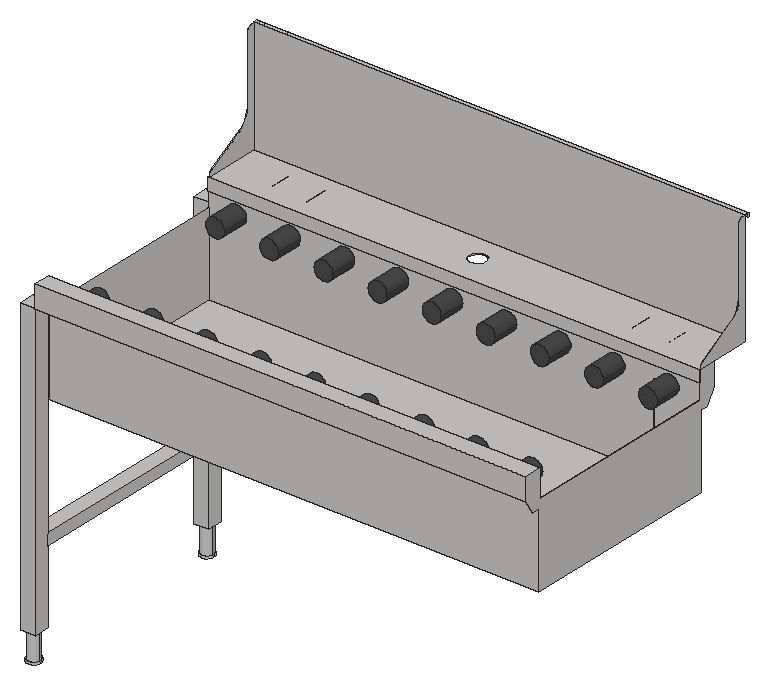
Revit family "QF_ELECTROLUXPROFESSIONAL_863074_HSSRDB13SB", category Specialty Equipment, Revit 2018
Family settings
  Round Connector Dimension = Use Diameter
  Part Type = Normal
  Work Plane-Based = No
  Always vertical = Yes
  Cut with Voids When Loaded = No
  Shared = No
  Room Calculation Point = No
Parameters
  Weight = 0.00 kg
  Watts = 0 W
  Volts = 0 V
  URL Manufacturer = "http://professional.electrolux.com/"
  URL = "http://professional.electrolux.com/"
  Steam Supply Size = 0 mm
  Steam Supply Minimum Pressure = 0.0 Pa
  Steam Supply Maximum Pressure = 0.0 Pa
  Steam Pounds per Hour = 0
  Refrigeration Suction Line Size = 0 mm
  Refrigeration Liquid Line Size = 0 mm
  Refrigerant Compressor Remote = yes
  Manufacturer = "Electrolux"
  Phase = 0
  Model = "HSSRDB13SB"
  Length Actual = 1300 mm  # constant formula
  Item Number = "863074"
  Hot Water Size = 0 mm
  Height Actual = 1213 mm  # constant formula
  HP = "0 HP"
  Gas Size = 0 mm
  Gas KW = 0
  Gas Input Pressure = 0 W
  Description = "SHORT ROLLER CONVEYOR WITH DEEP BASIN AND SPLASH BACK,  L=1300 MM"
  Depth Actual = 735 mm  # constant formula
  Cycle = 0 Hz
  Condensate Return Size = 0 mm
  Compressed Air Volume = 0.0 L/s
  Compressed Air Size = 0 mm
  Compressed Air Pressure = 0.0 Pa
  Cold Water Size = 0 mm
  Accessory = yes
Reference planes
  plane 1 "Centro (Fronte/Retro)": y = 74.737
  plane 2: z = 0
  plane 3 "LEFT": x = -1038.761
  plane 4 "BACK": y = 499.737
  plane 5 "FRONT": y = -235.263
  plane 6: z = 910
  plane 7 "RIGHT": x = 261.239
  plane 8: x = -388.761
Forms (mm)
  Extrusion 1, solid, material "QF_Finishes_Stainless Steel"
    sketch origin (0, 74.737, 0) x (1, 0, 0) y (0, 0, 1)
      loop
        line (-1079.929, 300) -> (-1079.929, 270) -> (-1039.929, 270) -> (-1039.929, 300) -> (-1079.929, 300)
    from -266.504 to 266.46
  Extrusion 2, solid, material "QF_Finishes_Stainless Steel"
    sketch origin (11.239, 0, 0) x (0, 1, 0) y (0, 0, 1)
      loop
        line (-235.263, 910) -> (-235.263, 850.033) -> (-190.242, 850.033) -> (-190.242, 910) -> (-235.263, 910)
      loop
        line (384.737, 910) -> (339.716, 910) -> (339.716, 850.033) -> (384.737, 850.033) -> (384.737, 910)
    from -1048.8 to 248.8
  Extrusion 3, solid, material "QF_Finishes_Stainless Steel"
    sketch origin (11.239, 0, 0) x (0, 1, 0) y (0, 0, 1)
      loop
        line (-191.727, 850.033) -> (-191.727, 618.033) -> (341.245, 618.033) -> (341.245, 850.033) -> (339.716, 850.033) -> (339.716, 621.033) -> (-190.242, 621.033) -> (-190.242, 850.033) -> (-191.727, 850.033)
    from -1048.8 to 248.8
  Extrusion 4, solid, material "QF_Finishes_Stainless Steel"
    sketch origin (1561.239, 723.253, 4000) x (0, 1, 0) y (0, 0, 1)
      loop
        line (-958.516, -3090) -> (-958.516, -3149.967) -> (-934.752, -3185.632) -> (-914.981, -3185.632) -> (-914.981, -3381.967) -> (-382.009, -3381.967) -> (-382.009, -3185.632) -> (-362.281, -3185.632) -> (-338.516, -3149.967) -> (-338.516, -3090) -> (-383.538, -3090) -> (-383.538, -3161.926) -> (-913.495, -3161.926) -> (-913.495, -3090) -> (-958.516, -3090)
    from -1300 to -1301.2
  Revolve 5, solid, material "QF_Finishes_Stainless Steel"
    sketch origin (-388.761, 0, 0) x (0, 1, 0) y (0, 0, 1)
      loop
        line (74.737, 618.033) -> (-1.756, 618.033) -> (-1.756, 601.823) -> (0.354, 601.823)
        arc (0.354, 601.823) -> (3.64, 597.973) -> (0.351, 594.125) r 3.897
        line (0.351, 594.125) -> (-1.756, 594.125) -> (-1.756, 551.31)
        arc (-1.756, 551.31) -> (8.91, 520.632) -> (36.296, 503.17) r 49.497
        line (36.296, 503.17) -> (36.296, 500.684) -> (37.487, 497.398) -> (51.25, 491.407) -> (51.25, 455.535) -> (52.727, 454.059) -> (74.737, 454.059) -> (74.737, 618.033)
      axis (74.737, 454.059) -> (74.737, 618.033)
    angle from 0 to 360
  Extrusion 6, solid, material "QF_Finishes_Stainless Steel"
    sketch origin (-537.561, 723.253, 4000) x (0, 1, 0) y (0, 0, 1)
      loop
        line (-958.516, -3090) -> (-958.516, -3149.967) -> (-914.981, -3149.967) -> (-914.981, -3381.967) -> (-382.009, -3381.967) -> (-382.009, -3149.967) -> (-338.516, -3149.967) -> (-338.516, -3090) -> (-383.538, -3090) -> (-383.538, -3161.926) -> (-913.495, -3161.926) -> (-913.495, -3090) -> (-958.516, -3090)
    from -500 to -501.2
  Extrusion 7, solid, material "QF_Finishes_Black"
    sketch origin (0, 74.737, 0) x (1, 0, 0) y (0, 0, 1)
      loop
        circle (-961.28, 850.115) r 25
      loop
        circle (-818.15, 850.115) r 25
      loop
        circle (-102.501, 850.115) r 25
      loop
        circle (40.628, 850.115) r 25
      loop
        circle (183.758, 850.115) r 25
      loop
        circle (-245.631, 850.115) r 25
      loop
        circle (-675.021, 850.115) r 25
      loop
        circle (-388.761, 850.115) r 25
      loop
        circle (-531.891, 850.115) r 25
    from 190.58 to 260.534
  Extrusion 8, solid, material "QF_Finishes_Stainless Steel"
    sketch origin (-239.961, 342.237, 0) x (0, 1, 0) y (0, 0, -1)
      loop
        line (-2.521, -910) -> (-2.521, -879.543) -> (-4.021, -879.543) -> (-4.021, -911.5) -> (145.999, -911.5) -> (145.999, -1213) -> (157.5, -1213) -> (157.5, -1202.537) -> (156, -1202.537) -> (156, -1211.5) -> (147.499, -1211.5) -> (147.499, -910) -> (-2.521, -910)
    from -501.2 to 798.8
  Extrusion 9, solid, material "QF_Finishes_Stainless Steel"
    sketch origin (-915.761, 342.237, 0) x (0, 1, 0) y (0, 0, 1)
      loop
        line (-0.992, 624.033) -> (13.767, 624.033)
        arc (13.767, 624.033) -> (17.303, 625.498) -> (18.768, 629.034) r 5.001
        line (18.768, 629.034) -> (18.768, 745.739) -> (102.636, 891.045) -> (102.636, 910) -> (42.5, 910) -> (42.5, 850.033) -> (-0.992, 850.033) -> (-0.992, 624.033)
    from 0 to 3
  Extrusion 10, solid, material "QF_Finishes_Stainless Steel"
    sketch origin (-818.761, 342.237, 0) x (0, 1, 0) y (0, 0, 1)
      loop
        line (-0.992, 624.033) -> (13.767, 624.033)
        arc (13.767, 624.033) -> (17.303, 625.498) -> (18.768, 629.034) r 5.001
        line (18.768, 629.034) -> (18.768, 745.739) -> (102.636, 891.045) -> (102.636, 910) -> (42.5, 910) -> (42.5, 850.033) -> (-0.992, 850.033) -> (-0.992, 624.033)
    from 0 to 3
  Extrusion 11, solid, material "QF_Finishes_Stainless Steel"
    sketch origin (-205.939, 342.237, 13) x (-1, 0, 0) y (0, 0, 1)
      loop
        line (706.822, 837.033) -> (612.822, 837.033) -> (612.822, 611.033) -> (706.822, 611.033) -> (706.822, 837.033)
    from -0.992 to 1.008
  Extrusion 12, solid, material "QF_Finishes_Stainless Steel"
    sketch origin (260.039, 342.237, 0) x (0, 1, 0) y (0, 0, -1)
      loop
        line (1.051, -911.5) -> (1.051, -914.619)
        arc (1.051, -914.619) -> (2.37, -919.604) -> (6.004, -923.263) r 9.963
        line (6.004, -923.263) -> (100.988, -978.112)
        arc (100.988, -978.112) -> (119.305, -996.412) -> (126.02, -1021.418) r 50.023
        line (126.02, -1021.418) -> (126.02, -1196.012)
        arc (126.02, -1196.012) -> (130.414, -1206.62) -> (141.022, -1211.014) r 15.003
        line (141.022, -1211.014) -> (145.999, -1211.014) -> (145.999, -911.5) -> (1.051, -911.5)
    from -1.2 to 0
  Extrusion 13, solid, material "QF_Finishes_Stainless Steel"
    sketch origin (-1033.961, 342.237, 0) x (0, 1, 0) y (0, 0, -1)
      loop
        line (141.022, -1211.014) -> (145.999, -1211.014) -> (145.999, -911.5) -> (1.051, -911.5) -> (1.051, -914.619)
        arc (1.051, -914.619) -> (2.37, -919.604) -> (6.004, -923.263) r 9.963
        line (6.004, -923.263) -> (100.988, -978.112)
        arc (100.988, -978.112) -> (119.305, -996.412) -> (126.02, -1021.418) r 50.023
        line (126.02, -1021.418) -> (126.02, -1196.012)
        arc (126.02, -1196.012) -> (130.414, -1206.62) -> (141.022, -1211.014) r 15.003
    from 3.6 to 4.8
  Extrusion 14, void
    sketch origin (0, 0, 0) x (1, 0, 0) y (0, 1, 0)
      loop
        circle (-388.761, 417.226) r 22.503
    from 910 to 911.5
  Extrusion 15, solid, material "QF_Finishes_Stainless Steel"
    sketch origin (-361.761, 342.237, 0) x (0, 1, 0) y (0, 0, -1)
      loop
        line (-0.992, -624.033) -> (-0.992, -850.033) -> (42.5, -850.033) -> (42.5, -910) -> (102.636, -910) -> (102.636, -891.045) -> (18.768, -745.739) -> (18.768, -629.034)
        arc (18.768, -629.034) -> (17.303, -625.498) -> (13.767, -624.033) r 5.001
        line (13.767, -624.033) -> (-0.992, -624.033)
    from -500 to -497
  Extrusion 16, solid, material "QF_Finishes_Stainless Steel"
    sketch origin (-458.761, 342.237, 0) x (0, 1, 0) y (0, 0, -1)
      loop
        line (-0.992, -624.033) -> (-0.992, -850.033) -> (42.5, -850.033) -> (42.5, -910) -> (102.636, -910) -> (102.636, -891.045) -> (18.768, -745.739) -> (18.768, -629.034)
        arc (18.768, -629.034) -> (17.303, -625.498) -> (13.767, -624.033) r 5.001
        line (13.767, -624.033) -> (-0.992, -624.033)
    from -500 to -497
  Extrusion 17, solid, material "QF_Finishes_Stainless Steel"
    sketch origin (-1071.583, 342.237, 13) x (1, 0, 0) y (0, 0, -1)
      loop
        line (1206.822, -837.033) -> (1206.822, -611.033) -> (1112.822, -611.033) -> (1112.822, -837.033) -> (1206.822, -837.033)
    from -0.992 to 1.008
  Extrusion 18, solid, material "QF_Finishes_Black"
    sketch origin (0, 74.737, 0) x (1, 0, 0) y (0, 0, -1)
      loop
        circle (-961.28, -850.115) r 25
      loop
        circle (-818.15, -850.115) r 25
      loop
        circle (-102.501, -850.115) r 25
      loop
        circle (40.628, -850.115) r 25
      loop
        circle (183.758, -850.115) r 25
      loop
        circle (-245.631, -850.115) r 25
      loop
        circle (-675.021, -850.115) r 25
      loop
        circle (-388.761, -850.115) r 25
      loop
        circle (-531.891, -850.115) r 25
    from 190.58 to 260.534
Cuts and joins
  joined: Extrusion 2, Extrusion 3, Extrusion 4, Revolve 5, Extrusion 6
  Extrusion 14 cuts Extrusion 8
  joined: Extrusion 8, Extrusion 9, Extrusion 10, Extrusion 11, Extrusion 12, Extrusion 13, Extrusion 15, Extrusion 16, Extrusion 17
Lines and regions (mm)
  Split face 1
    outline origin (658.239, 339.716, 621.033) x (-1, 0, 0) y (0, -1, 0)
      loop
        circle (1047, 264.904) r 3.016
  Split face 2
    outline origin (658.239, 339.716, 621.033) x (-1, 0, 0) y (0, -1, 0)
      loop
        circle (1047, 264.904) r 52.991
  Split face 3
    outline origin (658.239, 339.716, 621.033) x (-1, 0, 0) y (0, -1, 0)
      loop
        circle (1047, 264.904) r 36.015
  Split face 4
    outline origin (658.239, 339.716, 621.033) x (-1, 0, 0) y (0, -1, 0)
      loop
        circle (1047, 264.904) r 26.027
  Split face 5
    outline origin (658.239, 339.716, 621.033) x (-1, 0, 0) y (0, -1, 0)
      loop
        circle (1047, 264.904) r 9.056
  Masking region 1
    outline origin (0, 0, 0) x (1, 0, 0) y (0, 1, 0)
      loop
        line (-1038.761, 499.737) -> (-1038.761, -235.263) -> (261.239, -235.263) -> (261.239, 499.737) -> (-1038.761, 499.737)
  symbolic lines
    curve 1: line (261.239, 499.737, 0) -> (-1038.761, 499.737, 0)
    curve 2: line (-1038.761, 499.737, 0) -> (-1038.761, -235.263, 0)
    curve 3: line (-1038.761, 339.716, 0) -> (261.239, 339.716, 0)
    curve 4: line (-1038.761, -235.263, 0) -> (261.239, -235.263, 0)
    curve 5: line (261.239, -235.263, 0) -> (261.239, 499.737, 0)
    curve 6: line (261.239, -190.242, 0) -> (-1038.761, -190.242, 0)
    curve 7: line (-936.28, -185.797, 0) -> (-986.28, -185.797, 0)
    curve 8: line (-986.28, -185.797, 0) -> (-986.28, -115.842, 0)
    curve 9: line (-986.28, -115.842, 0) -> (-936.28, -115.842, 0)
    curve 10: line (-936.28, -115.842, 0) -> (-936.28, -185.797, 0)
    curve 11: line (-793.15, -185.797, 0) -> (-843.15, -185.797, 0)
    curve 12: line (-843.15, -185.797, 0) -> (-843.15, -115.842, 0)
    curve 13: line (-843.15, -115.842, 0) -> (-793.15, -115.842, 0)
    curve 14: line (-793.15, -115.842, 0) -> (-793.15, -185.797, 0)
    curve 15: line (-650.021, -185.797, 0) -> (-700.021, -185.797, 0)
    curve 16: line (-700.021, -185.797, 0) -> (-700.021, -115.842, 0)
    curve 17: line (-700.021, -115.842, 0) -> (-650.021, -115.842, 0)
    curve 18: line (-650.021, -115.842, 0) -> (-650.021, -185.797, 0)
    curve 19: line (-506.891, -185.797, 0) -> (-556.891, -185.797, 0)
    curve 20: line (-556.891, -185.797, 0) -> (-556.891, -115.842, 0)
    curve 21: line (-556.891, -115.842, 0) -> (-506.891, -115.842, 0)
    curve 22: line (-506.891, -115.842, 0) -> (-506.891, -185.797, 0)
    curve 23: line (-1038.761, 343.288, 0) -> (-1037.561, 343.288, 0)
    curve 24: line (-1037.561, 343.288, 0) -> (-1037.561, 488.236, 0)
    curve 25: line (-1038.761, 488.236, 0) -> (261.239, 488.236, 0)
    curve 26: line (260.039, 488.236, 0) -> (260.039, 343.288, 0)
    curve 27: line (260.039, 343.288, 0) -> (261.239, 343.288, 0)
    curve 28: arc (-411.264, 417.226, 0) -> (-388.761, 439.729, 0) -> (-366.258, 417.226, 0) r 22.503
    curve 29: arc (-366.258, 417.226, 0) -> (-388.761, 394.723, 0) -> (-411.264, 417.226, 0) r 22.503
    curve 30: line (261.239, 74.737, 0) -> (231.239, 74.737, 0)
    curve 31: line (-1038.761, 74.737, 0) -> (-1008.761, 74.737, 0)
    curve 32: arc (-388.761, 151.231, 0) -> (-312.267, 74.737, 0) -> (-388.761, -1.756, 0) r 76.494
    curve 33: arc (-388.761, -1.756, 0) -> (-465.254, 74.737, 0) -> (-388.761, 151.231, 0) r 76.494
    curve 34: arc (-388.761, 96.747, 0) -> (-410.771, 74.737, 0) -> (-388.761, 52.727, 0) r 22.01
    curve 35: arc (-388.761, 52.727, 0) -> (-366.751, 74.737, 0) -> (-388.761, 96.747, 0) r 22.01
    curve 36: line (-363.761, -185.797, 0) -> (-413.761, -185.797, 0)
    curve 37: line (-413.761, -185.797, 0) -> (-413.761, -115.842, 0)
    curve 38: line (-413.761, -115.842, 0) -> (-363.761, -115.842, 0)
    curve 39: line (-363.761, -115.842, 0) -> (-363.761, -185.797, 0)
    curve 40: line (-220.631, -185.797, 0) -> (-270.631, -185.797, 0)
    curve 41: line (-270.631, -185.797, 0) -> (-270.631, -115.842, 0)
    curve 42: line (-270.631, -115.842, 0) -> (-220.631, -115.842, 0)
    curve 43: line (-220.631, -115.842, 0) -> (-220.631, -185.797, 0)
    curve 44: line (-77.501, -185.797, 0) -> (-127.501, -185.797, 0)
    curve 45: line (-127.501, -185.797, 0) -> (-127.501, -115.842, 0)
    curve 46: line (-127.501, -115.842, 0) -> (-77.501, -115.842, 0)
    curve 47: line (-77.501, -115.842, 0) -> (-77.501, -185.797, 0)
    curve 48: line (65.628, -185.797, 0) -> (15.628, -185.797, 0)
    curve 49: line (15.628, -185.797, 0) -> (15.628, -115.842, 0)
    curve 50: line (15.628, -115.842, 0) -> (65.628, -115.842, 0)
    curve 51: line (65.628, -115.842, 0) -> (65.628, -185.797, 0)
    curve 52: line (208.758, -185.797, 0) -> (158.758, -185.797, 0)
    curve 53: line (158.758, -185.797, 0) -> (158.758, -115.842, 0)
    curve 54: line (158.758, -115.842, 0) -> (208.758, -115.842, 0)
    curve 55: line (208.758, -115.842, 0) -> (208.758, -185.797, 0)
    curve 56: line (-936.28, 335.271, 0) -> (-986.28, 335.271, 0)
    curve 57: line (-986.28, 335.271, 0) -> (-986.28, 265.317, 0)
    curve 58: line (-986.28, 265.317, 0) -> (-936.28, 265.317, 0)
    curve 59: line (-936.28, 265.317, 0) -> (-936.28, 335.271, 0)
    curve 60: line (-793.15, 335.271, 0) -> (-843.15, 335.271, 0)
    curve 61: line (-843.15, 335.271, 0) -> (-843.15, 265.317, 0)
    curve 62: line (-843.15, 265.317, 0) -> (-793.15, 265.317, 0)
    curve 63: line (-793.15, 265.317, 0) -> (-793.15, 335.271, 0)
    curve 64: line (-650.021, 335.271, 0) -> (-700.021, 335.271, 0)
    curve 65: line (-700.021, 335.271, 0) -> (-700.021, 265.317, 0)
    curve 66: line (-700.021, 265.317, 0) -> (-650.021, 265.317, 0)
    curve 67: line (-650.021, 265.317, 0) -> (-650.021, 335.271, 0)
    curve 68: line (-506.891, 335.271, 0) -> (-556.891, 335.271, 0)
    curve 69: line (-556.891, 335.271, 0) -> (-556.891, 265.317, 0)
    curve 70: line (-556.891, 265.317, 0) -> (-506.891, 265.317, 0)
    curve 71: line (-506.891, 265.317, 0) -> (-506.891, 335.271, 0)
    curve 72: line (-363.761, 335.271, 0) -> (-413.761, 335.271, 0)
    curve 73: line (-413.761, 335.271, 0) -> (-413.761, 265.317, 0)
    curve 74: line (-413.761, 265.317, 0) -> (-363.761, 265.317, 0)
    curve 75: line (-363.761, 265.317, 0) -> (-363.761, 335.271, 0)
    curve 76: line (-220.631, 335.271, 0) -> (-270.631, 335.271, 0)
    curve 77: line (-270.631, 335.271, 0) -> (-270.631, 265.317, 0)
    curve 78: line (-270.631, 265.317, 0) -> (-220.631, 265.317, 0)
    curve 79: line (-220.631, 265.317, 0) -> (-220.631, 335.271, 0)
    curve 80: line (-77.501, 335.271, 0) -> (-127.501, 335.271, 0)
    curve 81: line (-127.501, 335.271, 0) -> (-127.501, 265.317, 0)
    curve 82: line (-127.501, 265.317, 0) -> (-77.501, 265.317, 0)
    curve 83: line (-77.501, 265.317, 0) -> (-77.501, 335.271, 0)
    curve 84: line (65.628, 335.271, 0) -> (15.628, 335.271, 0)
    curve 85: line (15.628, 335.271, 0) -> (15.628, 265.317, 0)
    curve 86: line (15.628, 265.317, 0) -> (65.628, 265.317, 0)
    curve 87: line (65.628, 265.317, 0) -> (65.628, 335.271, 0)
    curve 88: line (208.758, 335.271, 0) -> (158.758, 335.271, 0)
    curve 89: line (158.758, 335.271, 0) -> (158.758, 265.317, 0)
    curve 90: line (158.758, 265.317, 0) -> (208.758, 265.317, 0)
    curve 91: line (208.758, 265.317, 0) -> (208.758, 335.271, 0)
Dimensions and locks
  plane 3 "LEFT" to plane 7 "RIGHT" = 1300 mm
  plane 4 "BACK" to plane 1 "Centro (Fronte/Retro)" to plane 5 "FRONT" = 425 mm, 310 mm
  plane 4 "BACK" to plane 5 "FRONT" = 735 mm
  equal spacing: plane 3 "LEFT", plane 8, plane 7 "RIGHT"
  locked: cut or joined group 1 (Extrusion 8, Extrusion 9, Extrusion 10, Extrusion 11, Extrusion 12, Extrusion 13, Extrusion 14, Extrusion 15, Extrusion 16, Extrusion 17) to cut or joined group 1 at 94  (x2)
  equal spacing: cut or joined group 1, plane 8, cut or joined group 1
  locked: cut or joined group 1 to cut or joined group 1 at 3  (x2)
  locked: Extrusion 7 sketch curve to plane 3 "LEFT" at 77.481
  locked: plane 7 "RIGHT" to Extrusion 7 sketch curve at 77.481
  equal spacing: Extrusion 7 sketch curve, Extrusion 7 sketch curve, Extrusion 7 sketch curve, Extrusion 7 sketch curve, Extrusion 7 sketch curve, Extrusion 7 sketch curve, Extrusion 7 sketch curve, Extrusion 7 sketch curve, Extrusion 7 sketch curve
  equal spacing: Extrusion 18 sketch curve, Extrusion 18 sketch curve, Extrusion 18 sketch curve, Extrusion 18 sketch curve, Extrusion 18 sketch curve, Extrusion 18 sketch curve, Extrusion 18 sketch curve, Extrusion 18 sketch curve, Extrusion 18 sketch curve
  aligned and locked: level to plane 2
  aligned and locked: plane 8 to cut or joined group of Extrusion 2, Extrusion 3, Extrusion 4, Revolve 5, Extrusion 6
  aligned and locked: Extrusion 2 to Extrusion 3
Automatic sketch dimensions
  curve 28 to curve 29 = 0 mm  (x2)
  curve 32 to curve 33 = 0 mm  (x2)
  curve 32 to curve 34 = 0 mm  (x2)
  curve 32 to curve 35 = 0 mm  (x2)
  curve 33 to curve 34 = 0 mm  (x2)
  curve 33 to curve 35 = 0 mm  (x2)
  curve 34 to curve 35 = 0 mm  (x2)
  curve 23 to plane 3 "LEFT" = 0 mm
  plane 1 "Centro (Fronte/Retro)" to curve 31 = 0 mm
  plane 1 "Centro (Fronte/Retro)" to curve 34 = 0 mm
  curve 34 to plane 8 = 0 mm
  plane 1 "Centro (Fronte/Retro)" to curve 30 = 0 mm
  curve 27 to plane 7 "RIGHT" = 0 mm
  curve 4 to plane 5 "FRONT" = 0 mm
  curve 2 to plane 4 "BACK" = 0 mm
  plane 3 "LEFT" to curve 24 = 1.2 mm
  plane 3 "LEFT" to curve 8 = 52.481 mm
  curve 23 to curve 57 = 51.281 mm
  curve 8 to curve 10 = 50 mm
  curve 56 to curve 56 = 50 mm
  curve 9 to curve 13 = 93.13 mm
  curve 58 to curve 62 = 93.13 mm
  curve 11 to curve 11 = 50 mm
  curve 60 to curve 63 = 50 mm
  curve 11 to curve 15 = 93.13 mm
  curve 62 to curve 66 = 93.13 mm
  curve 16 to curve 17 = 50 mm
  curve 64 to curve 64 = 50 mm
  curve 15 to curve 20 = 93.13 mm
  curve 64 to curve 68 = 93.13 mm
  curve 69 to curve 70 = 50 mm
  curve 20 to curve 21 = 50 mm
  plane 8 to curve 37 = 25 mm
  plane 8 to curve 74 = 25 mm
  plane 8 to curve 29 = 0 mm
  curve 72 to plane 8 = 25 mm
  curve 36 to plane 8 = 25 mm
  curve 38 to curve 42 = 93.13 mm
  curve 74 to curve 78 = 93.13 mm
  curve 77 to curve 78 = 50 mm
  curve 40 to curve 43 = 50 mm
  curve 42 to curve 45 = 93.13 mm
  curve 76 to curve 80 = 93.13 mm
  curve 44 to curve 44 = 50 mm
  curve 80 to curve 83 = 50 mm
  curve 82 to curve 86 = 93.13 mm
  curve 46 to curve 50 = 93.13 mm
  curve 48 to curve 48 = 50 mm
  curve 84 to curve 84 = 50 mm
  curve 50 to curve 54 = 93.13 mm
  curve 84 to curve 88 = 93.13 mm
  curve 89 to curve 91 = 50 mm
  curve 52 to curve 52 = 50 mm
  curve 26 to plane 7 "RIGHT" = 1.2 mm
  plane 5 "FRONT" to curve 37 = 49.466 mm
  plane 5 "FRONT" to curve 40 = 49.466 mm
  plane 5 "FRONT" to curve 55 = 49.466 mm
  plane 5 "FRONT" to curve 45 = 49.466 mm
  plane 5 "FRONT" to curve 7 = 49.466 mm
  plane 5 "FRONT" to curve 11 = 49.466 mm
  plane 5 "FRONT" to curve 48 = 49.466 mm
  plane 5 "FRONT" to curve 15 = 49.466 mm
  plane 5 "FRONT" to curve 19 = 49.466 mm
  curve 19 to curve 22 = 69.954 mm
  curve 15 to curve 18 = 69.954 mm
  curve 48 to curve 51 = 69.954 mm
  curve 11 to curve 14 = 69.954 mm
  curve 44 to curve 47 = 69.954 mm
  curve 7 to curve 10 = 69.954 mm
  curve 40 to curve 43 = 69.954 mm
  curve 52 to curve 53 = 69.954 mm
  curve 36 to curve 39 = 69.954 mm
  curve 78 to plane 1 "Centro (Fronte/Retro)" = 190.58 mm
  curve 78 to curve 81 = 0 mm
  curve 75 to curve 77 = 0 mm
  curve 82 to curve 85 = 0 mm
  curve 71 to curve 73 = 0 mm
  curve 86 to curve 89 = 0 mm
  curve 67 to curve 69 = 0 mm
  curve 57 to plane 1 "Centro (Fronte/Retro)" = 190.58 mm
  curve 63 to curve 65 = 0 mm
  curve 61 to curve 60 = 69.954 mm
  curve 66 to curve 64 = 69.954 mm
  curve 58 to curve 59 = 69.954 mm
  curve 70 to curve 68 = 69.954 mm
  curve 89 to curve 89 = 69.954 mm
  curve 74 to curve 72 = 69.954 mm
  curve 86 to curve 87 = 69.954 mm
  curve 78 to curve 76 = 69.954 mm
  curve 82 to curve 83 = 69.954 mm
  curve 56 to curve 23 = 8.018 mm
  curve 88 to curve 26 = 8.018 mm
  curve 29 to plane 4 "BACK" = 82.511 mm
  plane 3 "LEFT" to curve 31 = 30 mm
  curve 29 to curve 28 = 22.503 mm
  curve 30 to plane 7 "RIGHT" = 30 mm
  curve 4 to curve 6 = 45.021 mm
  curve 33 to curve 32 = 76.494 mm
  curve 34 to curve 32 = 22.01 mm
  curve 3 to curve 23 = 3.573 mm
  curve 25 to curve 1 = 11.501 mm
  Extrusion 1 sketch curve to plane 3 "LEFT" = 41.168 mm
  Extrusion 1 sketch curve to plane 3 "LEFT" = 1.168 mm
  level to Extrusion 1 sketch curve = 270 mm
  Extrusion 1 sketch curve to Extrusion 1 sketch curve = 30 mm
  Extrusion 2 sketch curve to plane 5 "FRONT" = 0 mm
  Extrusion 2 sketch curve to plane 6 = 0 mm  (x2)
  plane 5 "FRONT" to Extrusion 2 sketch curve = 45.021 mm
  Extrusion 2 sketch curve to plane 6 = 59.967 mm
  Extrusion 2 sketch curve to plane 4 "BACK" = 160.021 mm
  Extrusion 2 sketch curve to Extrusion 2 sketch curve = 45.021 mm
  Extrusion 2 sketch curve to Extrusion 2 sketch curve = 59.967 mm
  plane 5 "FRONT" to Extrusion 3 sketch curve = 43.536 mm
  Extrusion 3 sketch curve to Extrusion 3 sketch curve = 1.486 mm
  Extrusion 3 sketch curve to plane 6 = 59.967 mm  (x2)
  Extrusion 3 sketch curve to plane 4 "BACK" = 160.021 mm
  Extrusion 3 sketch curve to Extrusion 3 sketch curve = 1.529 mm
  Extrusion 3 sketch curve to plane 6 = 288.967 mm
  Extrusion 3 sketch curve to Extrusion 3 sketch curve = 3 mm
  Extrusion 4 sketch curve to plane 5 "FRONT" = 0 mm
  Extrusion 4 sketch curve to plane 6 = 0 mm  (x2)
  plane 5 "FRONT" to Extrusion 4 sketch curve = 23.764 mm
  plane 5 "FRONT" to Extrusion 4 sketch curve = 43.536 mm
  plane 5 "FRONT" to Extrusion 4 sketch curve = 45.021 mm
  Extrusion 4 sketch curve to plane 6 = 71.926 mm
  Extrusion 4 sketch curve to plane 4 "BACK" = 160.021 mm
  Extrusion 4 sketch curve to plane 4 "BACK" = 158.492 mm
  Extrusion 4 sketch curve to Extrusion 4 sketch curve = 19.728 mm
  Extrusion 4 sketch curve to Extrusion 4 sketch curve = 23.764 mm
  Extrusion 4 sketch curve to Extrusion 4 sketch curve = 23.706 mm  (x2)
  Extrusion 4 sketch curve to Extrusion 4 sketch curve = 196.335 mm
  Extrusion 4 sketch curve to Extrusion 4 sketch curve = 35.665 mm  (x2)
  Revolve 5 sketch curve to plane 1 "Centro (Fronte/Retro)" = 0 mm  (x2)
  plane 1 "Centro (Fronte/Retro)" to Revolve 5 sketch curve = 22.01 mm
  plane 1 "Centro (Fronte/Retro)" to Revolve 5 sketch curve = 23.487 mm
  plane 1 "Centro (Fronte/Retro)" to Revolve 5 sketch curve = 26.996 mm
  Revolve 5 sketch curve to Revolve 5 sketch curve = 13.764 mm
  Revolve 5 sketch curve to Revolve 5 sketch curve = 1.191 mm
  Revolve 5 sketch curve to Revolve 5 sketch curve = 47.387 mm
  Revolve 5 sketch curve to Revolve 5 sketch curve = 0.003 mm
  Revolve 5 sketch curve to Revolve 5 sketch curve = 0.61 mm
  Revolve 5 sketch curve to Revolve 5 sketch curve = 2.107 mm
  Revolve 5 sketch curve to Revolve 5 sketch curve = 2.11 mm
  level to Revolve 5 sketch curve = 454.059 mm
  Revolve 5 sketch curve to Revolve 5 sketch curve = 1.476 mm
  Revolve 5 sketch curve to Revolve 5 sketch curve = 35.872 mm
  Revolve 5 sketch curve to Revolve 5 sketch curve = 5.991 mm
  Revolve 5 sketch curve to Revolve 5 sketch curve = 3.286 mm
  Revolve 5 sketch curve to Revolve 5 sketch curve = 2.486 mm
  Revolve 5 sketch curve to Revolve 5 sketch curve = 48.139 mm
  Revolve 5 sketch curve to Revolve 5 sketch curve = 42.815 mm
  Revolve 5 sketch curve to Revolve 5 sketch curve = 3.849 mm
  Revolve 5 sketch curve to Revolve 5 sketch curve = 66.706 mm
  Revolve 5 sketch curve to Revolve 5 sketch curve = 3 mm
  Revolve 5 sketch curve to Revolve 5 sketch curve = 14.991 mm
  cut or joined group of Extrusion 2, Extrusion 3, Extrusion 4, Revolve 5, Extrusion 6 to Split face 1 sketch curve = 264.904 mm
  cut or joined group of Extrusion 2, Extrusion 3, Extrusion 4, Revolve 5, Extrusion 6 to Split face 1 sketch curve = 648.8 mm
  cut or joined group of Extrusion 2, Extrusion 3, Extrusion 4, Revolve 5, Extrusion 6 to Split face 2 sketch curve = 264.904 mm
  cut or joined group of Extrusion 2, Extrusion 3, Extrusion 4, Revolve 5, Extrusion 6 to Split face 2 sketch curve = 648.8 mm
  cut or joined group of Extrusion 2, Extrusion 3, Extrusion 4, Revolve 5, Extrusion 6 to Split face 3 sketch curve = 264.904 mm
  cut or joined group of Extrusion 2, Extrusion 3, Extrusion 4, Revolve 5, Extrusion 6 to Split face 3 sketch curve = 648.8 mm
  cut or joined group of Extrusion 2, Extrusion 3, Extrusion 4, Revolve 5, Extrusion 6 to Split face 4 sketch curve = 264.904 mm
  cut or joined group of Extrusion 2, Extrusion 3, Extrusion 4, Revolve 5, Extrusion 6 to Split face 4 sketch curve = 648.8 mm
  cut or joined group of Extrusion 2, Extrusion 3, Extrusion 4, Revolve 5, Extrusion 6 to Split face 5 sketch curve = 264.904 mm
  cut or joined group of Extrusion 2, Extrusion 3, Extrusion 4, Revolve 5, Extrusion 6 to Split face 5 sketch curve = 648.8 mm
  Masking region 1 sketch curve to plane 3 "LEFT" = 0 mm
  Masking region 1 sketch curve to plane 5 "FRONT" = 0 mm
  Masking region 1 sketch curve to plane 7 "RIGHT" = 0 mm
  Masking region 1 sketch curve to plane 4 "BACK" = 0 mm
  Extrusion 6 sketch curve to plane 5 "FRONT" = 0 mm
  Extrusion 6 sketch curve to plane 6 = 0 mm  (x2)
  plane 5 "FRONT" to Extrusion 6 sketch curve = 43.536 mm
  plane 5 "FRONT" to Extrusion 6 sketch curve = 45.021 mm
  Extrusion 6 sketch curve to plane 4 "BACK" = 160.021 mm
  Extrusion 6 sketch curve to plane 4 "BACK" = 158.492 mm
  Extrusion 6 sketch curve to Extrusion 6 sketch curve = 43.492 mm
  Extrusion 6 sketch curve to Extrusion 6 sketch curve = 59.967 mm  (x2)
  Extrusion 6 sketch curve to Extrusion 6 sketch curve = 11.959 mm
  Extrusion 6 sketch curve to Extrusion 6 sketch curve = 220.041 mm
  Extrusion 7 sketch curve to plane 6 = 59.885 mm  (x9)
  Extrusion 8 sketch curve to plane 6 = 0 mm
  Extrusion 8 sketch curve to plane 4 "BACK" = 0 mm
  Extrusion 8 sketch curve to plane 4 "BACK" = 1.5 mm
  Extrusion 8 sketch curve to Extrusion 8 sketch curve = 8.501 mm
  Extrusion 8 sketch curve to Extrusion 8 sketch curve = 1.5 mm  (x3)
  Extrusion 8 sketch curve to plane 6 = 30.457 mm
  Extrusion 8 sketch curve to Extrusion 8 sketch curve = 148.52 mm
  plane 6 to Extrusion 8 sketch curve = 1.5 mm
  Extrusion 8 sketch curve to Extrusion 8 sketch curve = 291.037 mm
  Extrusion 8 sketch curve to Extrusion 8 sketch curve = 8.963 mm
  Extrusion 9 sketch curve to plane 6 = 0 mm
  Extrusion 9 sketch curve to plane 4 "BACK" = 158.492 mm
  Extrusion 9 sketch curve to Extrusion 9 sketch curve = 14.759 mm
  Extrusion 9 sketch curve to Extrusion 9 sketch curve = 19.76 mm
  Extrusion 9 sketch curve to Extrusion 9 sketch curve = 43.492 mm
  Extrusion 9 sketch curve to plane 6 = 18.955 mm
  Extrusion 9 sketch curve to plane 4 "BACK" = 54.864 mm
  Extrusion 9 sketch curve to Extrusion 9 sketch curve = 59.967 mm
  Extrusion 9 sketch curve to Extrusion 9 sketch curve = 104.294 mm
  Extrusion 9 sketch curve to Extrusion 9 sketch curve = 116.705 mm
  Extrusion 10 sketch curve to plane 6 = 0 mm
  Extrusion 10 sketch curve to plane 4 "BACK" = 158.492 mm
  Extrusion 10 sketch curve to Extrusion 10 sketch curve = 14.759 mm
  Extrusion 10 sketch curve to Extrusion 10 sketch curve = 19.76 mm
  Extrusion 10 sketch curve to Extrusion 10 sketch curve = 43.492 mm
  Extrusion 10 sketch curve to plane 6 = 18.955 mm
  Extrusion 10 sketch curve to plane 4 "BACK" = 54.864 mm
  Extrusion 10 sketch curve to Extrusion 10 sketch curve = 59.967 mm
  Extrusion 10 sketch curve to Extrusion 10 sketch curve = 104.294 mm
  Extrusion 10 sketch curve to Extrusion 10 sketch curve = 116.705 mm
  Extrusion 11 sketch curve to plane 6 = 59.967 mm
  plane 8 to Extrusion 11 sketch curve = 430 mm
  Extrusion 11 sketch curve to Extrusion 11 sketch curve = 94 mm
  Extrusion 11 sketch curve to Extrusion 11 sketch curve = 225.999 mm
  plane 6 to Extrusion 12 sketch curve = 1.5 mm
  Extrusion 12 sketch curve to plane 4 "BACK" = 156.449 mm
  plane 6 to Extrusion 12 sketch curve = 13.263 mm
  Extrusion 12 sketch curve to Extrusion 12 sketch curve = 4.953 mm
  plane 6 to Extrusion 12 sketch curve = 4.651 mm
  Extrusion 12 sketch curve to Extrusion 12 sketch curve = 5.01 mm
  Extrusion 12 sketch curve to plane 4 "BACK" = 81.503 mm
  Extrusion 12 sketch curve to Extrusion 12 sketch curve = 24.991 mm
  Extrusion 12 sketch curve to plane 4 "BACK" = 31.48 mm
  Extrusion 12 sketch curve to plane 4 "BACK" = 16.478 mm
  Extrusion 12 sketch curve to plane 4 "BACK" = 11.501 mm
  plane 6 to Extrusion 12 sketch curve = 68.112 mm
  Extrusion 12 sketch curve to Extrusion 12 sketch curve = 43.306 mm
  Extrusion 12 sketch curve to Extrusion 12 sketch curve = 174.593 mm
  plane 6 to Extrusion 13 sketch curve = 1.5 mm
  Extrusion 13 sketch curve to plane 4 "BACK" = 156.449 mm
  plane 6 to Extrusion 13 sketch curve = 13.263 mm
  Extrusion 13 sketch curve to Extrusion 13 sketch curve = 4.953 mm
  plane 6 to Extrusion 13 sketch curve = 4.651 mm
  Extrusion 13 sketch curve to Extrusion 13 sketch curve = 5.01 mm
  Extrusion 13 sketch curve to plane 4 "BACK" = 81.503 mm
  Extrusion 13 sketch curve to Extrusion 13 sketch curve = 24.991 mm
  Extrusion 13 sketch curve to plane 4 "BACK" = 31.48 mm
  Extrusion 13 sketch curve to Extrusion 13 sketch curve = 15.003 mm
  Extrusion 13 sketch curve to Extrusion 13 sketch curve = 4.976 mm
  plane 6 to Extrusion 13 sketch curve = 68.112 mm
  Extrusion 13 sketch curve to Extrusion 13 sketch curve = 43.306 mm
  Extrusion 13 sketch curve to Extrusion 13 sketch curve = 174.593 mm
  plane 8 to Extrusion 14 sketch curve = 0 mm
  Extrusion 14 sketch curve to plane 4 "BACK" = 82.511 mm
  Extrusion 15 sketch curve to plane 6 = 0 mm
  Extrusion 15 sketch curve to plane 4 "BACK" = 158.492 mm
  Extrusion 15 sketch curve to Extrusion 15 sketch curve = 14.759 mm
  Extrusion 15 sketch curve to Extrusion 15 sketch curve = 19.76 mm
  Extrusion 15 sketch curve to Extrusion 15 sketch curve = 43.492 mm
  Extrusion 15 sketch curve to plane 6 = 18.955 mm
  Extrusion 15 sketch curve to plane 4 "BACK" = 54.864 mm
  Extrusion 15 sketch curve to plane 6 = 59.967 mm
  Extrusion 15 sketch curve to Extrusion 15 sketch curve = 104.294 mm
  Extrusion 15 sketch curve to Extrusion 15 sketch curve = 116.705 mm
  Extrusion 16 sketch curve to plane 6 = 0 mm
  Extrusion 16 sketch curve to plane 4 "BACK" = 158.492 mm
  Extrusion 16 sketch curve to Extrusion 16 sketch curve = 14.759 mm
  Extrusion 16 sketch curve to Extrusion 16 sketch curve = 19.76 mm
  Extrusion 16 sketch curve to Extrusion 16 sketch curve = 43.492 mm
  Extrusion 16 sketch curve to plane 6 = 18.955 mm
  Extrusion 16 sketch curve to plane 4 "BACK" = 54.864 mm
  Extrusion 16 sketch curve to plane 6 = 59.967 mm
  Extrusion 16 sketch curve to Extrusion 16 sketch curve = 104.294 mm
  Extrusion 16 sketch curve to Extrusion 16 sketch curve = 116.705 mm
  Extrusion 17 sketch curve to plane 6 = 59.967 mm
  Extrusion 17 sketch curve to plane 8 = 430 mm
  Extrusion 17 sketch curve to Extrusion 17 sketch curve = 94 mm
  Extrusion 17 sketch curve to Extrusion 17 sketch curve = 225.999 mm
  plane 3 "LEFT" to Extrusion 18 sketch curve = 77.481 mm
  Extrusion 18 sketch curve to plane 6 = 59.885 mm  (x9)
  Extrusion 18 sketch curve to Extrusion 18 sketch curve = 143.13 mm
  radius of Split face 1 sketch curve = 3.016 mm
  radius of Split face 2 sketch curve = 52.991 mm
  radius of Split face 3 sketch curve = 36.015 mm
  radius of Split face 4 sketch curve = 26.027 mm
  radius of Split face 5 sketch curve = 9.056 mm
  radius of Extrusion 7 sketch curve = 25 mm  (x9)
  radius of Extrusion 14 sketch curve = 22.503 mm
  radius of Extrusion 18 sketch curve = 25 mm  (x9)
Nested families
  nested 1: "Foot_40x40" at (-1059.929, 361.245, 0), type "Foot_40x40"
    with A 850.033 mm
  nested 2: "Foot_40x40" at (-1059.929, -211.771, 0), type "Foot_40x40"
    with A 850.033 mm
Connectors
  piping at (-388.761, 74.737, 454.059), diameter 30
    settings: on cut or joined group of Extrusion 2, Extrusion 3, Extrusion 4, Revolve 5, Extrusion 6, index 1, connector inside diameter 609.6 mm, connector length 0 mm, flow factor 0, pipe flow 0.0 L/s, pressure drop 0.0 Pa, fitting loss kfactor 0, connector angle 0.00°, fixture units 0, engagement length 0 mm, angle of deflection 0.00°, flow configuration 1, flow direction 2, fitting loss method 0, system type 16, joint type 0, gender type 0, connector reference index -1, connector utility 0, adjustable connector no, is connector primary yes, connector description "Drain"
Definition of nested family "Foot_40x40"
  Parameters
    A [instance] = 850 mm
  Reference planes
    plane 1 "Centro (Fronte/Retro)": y = 0
    plane 2: z = 0
    plane 3 "Centro (Sinistra/Destra)": x = 0
    plane 4: z = 850
  Forms (mm)
    Extrusion 1, solid
      sketch origin (0, 0, 0) x (1, 0, 0) y (0, 1, 0)
        loop
          circle (0, 0) r 18
      from 0 to 5
    Extrusion 2, solid
      sketch origin (0, 0, 5) x (1, 0, 0) y (0, 1, 0)
        loop
          circle (0, 0) r 15
      from 0 to 70
    Extrusion 3, solid
      sketch origin (0, 0, 75) x (1, 0, 0) y (0, 1, 0)
        loop
          line (-20, 20) -> (-20, -20) -> (20, -20) -> (20, 20) -> (-20, 20)
      from 0 to 775
  Dimensions and locks
    "A": plane 4 to plane 2
    aligned and locked: level to plane 2
    aligned and locked: plane 4 to Extrusion 3
    aligned and locked: Extrusion 1 to level
  Automatic sketch dimensions
    plane 1 "Centro (Fronte/Retro)" to Extrusion 1 sketch curve = 0 mm
    Extrusion 1 sketch curve to plane 3 "Centro (Sinistra/Destra)" = 0 mm
    Extrusion 3 sketch curve to Extrusion 3 sketch curve = 40 mm  (x2)
    radius of Extrusion 1 sketch curve = 18 mm
    radius of Extrusion 2 sketch curve to Extrusion 1 = 3 mm
